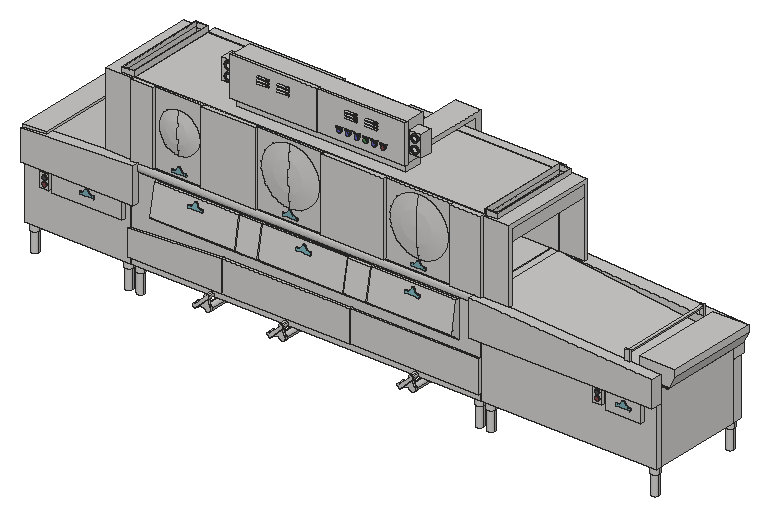
Revit family (continued)
Forms (in)
  Extrusion 128, solid, material "QF_Finishes_Stainless Steel"
    sketch origin (-30.125, -73.14175, 9.44389) x (1, 0, 0) y (0, 0.5, 0.866025)
      loop
        arc (52.28388, 77.875) -> (52.10082, 78.31694) -> (51.65888, 78.5) r 0.625
        line (51.65888, 78.5) -> (48.90888, 78.5)
        arc (48.90888, 78.5) -> (48.46693, 78.31694) -> (48.28388, 77.875) r 0.625
    from 0 to 0.125
  Extrusion 129, solid, material "QF_Finishes_Stainless Steel"
    sketch origin (-30.125, -73.14175, 8.44389) x (1, 0, 0) y (0, 0.5, 0.866025)
      loop
        line (48.28388, 77.875) -> (52.28388, 77.875)
        arc (52.28388, 77.875) -> (52.10082, 78.31694) -> (51.65888, 78.5) r 0.625
        line (51.65888, 78.5) -> (48.90888, 78.5)
        arc (48.90888, 78.5) -> (48.46693, 78.31694) -> (48.28388, 77.875) r 0.625
    from 0 to 0.125
  Extrusion 130, solid, material "QF_Finishes_Stainless Steel"
    sketch origin (77.44275, -73.14175, 10.44389) x (-1, 0, 0) y (0, -0.5, -0.866025)
      loop
        arc (48.28388, -77.875) -> (48.46693, -78.31694) -> (48.90888, -78.5) r 0.625
        line (48.90888, -78.5) -> (51.65888, -78.5)
        arc (51.65888, -78.5) -> (52.10082, -78.31694) -> (52.28388, -77.875) r 0.625
        line (52.28388, -77.875) -> (48.28388, -77.875)
    from 0 to 0.125
  Extrusion 131, solid, material "QF_Finishes_Stainless Steel"
    sketch origin (77.44275, -73.14175, 9.44389) x (-1, 0, 0) y (0, -0.5, -0.866025)
      loop
        arc (48.28388, -77.875) -> (48.46693, -78.31694) -> (48.90888, -78.5) r 0.625
        line (48.90888, -78.5) -> (51.65888, -78.5)
        arc (51.65888, -78.5) -> (52.10082, -78.31694) -> (52.28388, -77.875) r 0.625
        line (52.28388, -77.875) -> (48.28388, -77.875)
    from 0 to 0.125
  Extrusion 132, solid, material "QF_Finishes_Stainless Steel"
    sketch origin (77.44275, -73.14175, 8.44389) x (-1, 0, 0) y (0, -0.5, -0.866025)
      loop
        arc (48.28388, -77.875) -> (48.46693, -78.31694) -> (48.90888, -78.5) r 0.625
        line (48.90888, -78.5) -> (51.65888, -78.5)
        arc (51.65888, -78.5) -> (52.10082, -78.31694) -> (52.28388, -77.875) r 0.625
        line (52.28388, -77.875) -> (48.28388, -77.875)
    from 0 to 0.125
  Extrusion 133, solid, material "QF_Finishes_Stainless Steel"
    sketch origin (-39.90362, 0, 0) x (0, 1, 0) y (0, 0, 1)
      loop
        circle (-20.25, 7) r 1
      loop
        circle (-20.25, 7) r 1.125
    from 0 to 191.625
  Extrusion 134, solid, material "QF_Finishes_Stainless Steel", visible <- "Unload End Drain"
    sketch origin (-39.90362, 0, 0) x (0, 1, 0) y (0, 0, 1)
      loop
        circle (-20.25, 7) r 1
    from 0 to 0.125
  Extrusion 135, solid, material "QF_Finishes_Stainless Steel", visible <- "Load End Drain"
    sketch origin (151.72138, 0, 0) x (0, 1, 0) y (0, 0, 1)
      loop
        circle (-20.25, 7) r 1
    from 0 to -0.125
  Sweep 136, solid, material "QF_Finishes_Stainless Steel", visible <- "Cold Water Aqua Stat"
    path origin (-31.27862, 0, 0) x (0, 1, 0) y (0, 0, 1)
      loop
        line (-16.75, 9) -> (-16.75, 7.5)
        arc (-16.75, 7.5) -> (-16.31066, 6.43934) -> (-15.25, 6) r 1.5
        line (-15.25, 6) -> (-8.5, 6)
    profile origin (-31.27862, -16.75, 8.25) x (1, 0, 0) y (0, 1, 0)
      loop
        circle (0, 0) r 0.375
      loop
        circle (0, 0) r 0.5
  Sweep 137, solid, material "QF_Finishes_Stainless Steel", visible <- "Cold Water Aqua Stat"
    path origin (134.72138, 0, 0) x (0, 1, 0) y (0, 0, 1)
      loop
        line (-16.75, 9) -> (-16.75, 7.5)
        arc (-16.75, 7.5) -> (-16.31066, 6.43934) -> (-15.25, 6) r 1.5
        line (-15.25, 6) -> (-8.5, 6)
    profile origin (134.72138, -16.75, 8.25) x (1, 0, 0) y (0, 1, 0)
      loop
        circle (0, 0) r 0.5
      loop
        circle (0, 0) r 0.625
  Extrusion 138, void
    sketch origin (0, -26, 0) x (1, 0, 0) y (0, 0, 1)
      loop
        circle (10.72138, 78.5) r 0.5
    from 0 to 0.25
  Extrusion 139, solid, material "QF_Finishes_Stainless Steel"
    sketch origin (0, -20.25, 0) x (1, 0, 0) y (0, 0, 1)
      loop
        circle (7.73519, 7) r 1
      loop
        circle (7.73519, 7) r 1.125
    from 0 to 21.5
  Extrusion 140, solid, material "QF_Finishes_Stainless Steel"
    sketch origin (12, -20.25, 0) x (1, 0, 0) y (0, 0, 1)
      loop
        circle (21.23519, 7) r 1
      loop
        circle (21.23519, 7) r 1.125
    from 0 to 21.5
  Extrusion 141, solid, material "QF_Finishes_Stainless Steel"
    sketch origin (7.21533, -42, -3.41935) x (0.707107, 0, 0.707107) y (-0.707107, 0, 0.707107)
      loop
        arc (6.61019, 7) -> (7.73519, 5.875) -> (8.86019, 7) r 1.125
        arc (8.86019, 7) -> (9.29112, 8.22931) -> (10.48519, 8.75) r 1.62946
        line (10.48519, 8.75) -> (4.98519, 8.75)
        arc (4.98519, 8.75) -> (6.17925, 8.22931) -> (6.61019, 7) r 1.62946
    from -0.25 to 0.25
  Extrusion 142, solid, material "QF_Finishes_Stainless Steel"
    sketch origin (32.71533, -42, -3.41935) x (0.707107, 0, 0.707107) y (-0.707107, 0, 0.707107)
      loop
        line (4.73519, 8.75) -> (10.73519, 8.75)
        arc (10.73519, 8.75) -> (11.08874, 8.89645) -> (11.23519, 9.25) r 0.5
        line (11.23519, 9.25) -> (11.23519, 9.75)
        arc (11.23519, 9.75) -> (11.08874, 10.10355) -> (10.73519, 10.25) r 0.5
        line (10.73519, 10.25) -> (10.23519, 10.25)
        arc (10.23519, 10.25) -> (10.05841, 10.17678) -> (9.98519, 10) r 0.25
        line (9.98519, 10) -> (9.98519, 9.75) -> (5.48519, 9.75) -> (5.48519, 10)
        arc (5.48519, 10) -> (5.41196, 10.17678) -> (5.23519, 10.25) r 0.25
        line (5.23519, 10.25) -> (4.73519, 10.25)
        arc (4.73519, 10.25) -> (4.38163, 10.10355) -> (4.23519, 9.75) r 0.5
        line (4.23519, 9.75) -> (4.23519, 9.25)
        arc (4.23519, 9.25) -> (4.38163, 8.89645) -> (4.73519, 8.75) r 0.5
    from -1 to 1
  Extrusion 143, solid, material "QF_Finishes_Stainless Steel"
    sketch origin (32.71533, -42, -3.41935) x (0.707107, 0, 0.707107) y (-0.707107, 0, 0.707107)
      loop
        arc (6.61019, 7) -> (7.73519, 5.875) -> (8.86019, 7) r 1.125
        arc (8.86019, 7) -> (9.29112, 8.22931) -> (10.48519, 8.75) r 1.62946
        line (10.48519, 8.75) -> (4.98519, 8.75)
        arc (4.98519, 8.75) -> (6.17925, 8.22931) -> (6.61019, 7) r 1.62946
    from -0.25 to 0.25
  Extrusion 144, solid, material "QF_Finishes_Stainless Steel"
    sketch origin (63, -20.25, 0) x (1, 0, 0) y (0, 0, 1)
      loop
        circle (14.73519, 7) r 1
      loop
        circle (14.73519, 7) r 1.125
    from 0 to 21.5
  Extrusion 145, solid, material "QF_Finishes_Stainless Steel"
    sketch origin (77.21533, -42, -3.41935) x (0.707107, 0, 0.707107) y (-0.707107, 0, 0.707107)
      loop
        line (4.73519, 8.75) -> (10.73519, 8.75)
        arc (10.73519, 8.75) -> (11.08874, 8.89645) -> (11.23519, 9.25) r 0.5
        line (11.23519, 9.25) -> (11.23519, 9.75)
        arc (11.23519, 9.75) -> (11.08874, 10.10355) -> (10.73519, 10.25) r 0.5
        line (10.73519, 10.25) -> (10.23519, 10.25)
        arc (10.23519, 10.25) -> (10.05841, 10.17678) -> (9.98519, 10) r 0.25
        line (9.98519, 10) -> (9.98519, 9.75) -> (5.48519, 9.75) -> (5.48519, 10)
        arc (5.48519, 10) -> (5.41196, 10.17678) -> (5.23519, 10.25) r 0.25
        line (5.23519, 10.25) -> (4.73519, 10.25)
        arc (4.73519, 10.25) -> (4.38163, 10.10355) -> (4.23519, 9.75) r 0.5
        line (4.23519, 9.75) -> (4.23519, 9.25)
        arc (4.23519, 9.25) -> (4.38163, 8.89645) -> (4.73519, 8.75) r 0.5
    from -1 to 1
  Extrusion 146, solid, material "QF_Finishes_Stainless Steel"
    sketch origin (77.21533, -42, -3.41935) x (0.707107, 0, 0.707107) y (-0.707107, 0, 0.707107)
      loop
        arc (6.61019, 7) -> (7.73519, 5.875) -> (8.86019, 7) r 1.125
        arc (8.86019, 7) -> (9.29112, 8.22931) -> (10.48519, 8.75) r 1.62946
        line (10.48519, 8.75) -> (4.98519, 8.75)
        arc (4.98519, 8.75) -> (6.17925, 8.22931) -> (6.61019, 7) r 1.62946
    from -0.25 to 0.25
  Extrusion 147, solid, material "QF_Finishes_Stainless Steel"
    sketch origin (7.21533, -42, -3.41935) x (0.707107, 0, 0.707107) y (-0.707107, 0, 0.707107)
      loop
        line (4.73519, 8.75) -> (10.73519, 8.75)
        arc (10.73519, 8.75) -> (11.08874, 8.89645) -> (11.23519, 9.25) r 0.5
        line (11.23519, 9.25) -> (11.23519, 9.75)
        arc (11.23519, 9.75) -> (11.08874, 10.10355) -> (10.73519, 10.25) r 0.5
        line (10.73519, 10.25) -> (10.23519, 10.25)
        arc (10.23519, 10.25) -> (10.05841, 10.17678) -> (9.98519, 10) r 0.25
        line (9.98519, 10) -> (9.98519, 9.75) -> (5.48519, 9.75) -> (5.48519, 10)
        arc (5.48519, 10) -> (5.41196, 10.17678) -> (5.23519, 10.25) r 0.25
        line (5.23519, 10.25) -> (4.73519, 10.25)
        arc (4.73519, 10.25) -> (4.38163, 10.10355) -> (4.23519, 9.75) r 0.5
        line (4.23519, 9.75) -> (4.23519, 9.25)
        arc (4.23519, 9.25) -> (4.38163, 8.89645) -> (4.73519, 8.75) r 0.5
    from -1 to 1
  Extrusion 148, solid, material "QF_Finishes_Black", not visible
    sketch origin (0, -32.25, 0) x (1, 0, 0) y (0, 0, 1)
      loop
        circle (6.84638, 76.75) r 1.25
      loop
        circle (6.84638, 76.75) r 1
    from 0 to 0.25
  Extrusion 149, solid, material "QF_Finishes_White", not visible
    sketch origin (0, -32.25, 0) x (1, 0, 0) y (0, 0, 1)
      loop
        circle (6.84638, 76.75) r 1
    from 0 to 0.0625
  Extrusion 150, solid, material "QF_Finishes_Black", not visible
    sketch origin (33.66291, -34, -18.39967) x (1, 0, 0) y (0, 0, 1)
      loop
        line (19.62096, 91.02467) -> (17.62096, 91.02467) -> (17.62096, 90.77467) -> (19.62096, 90.77467) -> (19.62096, 91.02467)
      loop
        line (16.62096, 91.02467) -> (14.62096, 91.02467) -> (14.62096, 90.77467) -> (16.62096, 90.77467) -> (16.62096, 91.02467)
      loop
        line (20.62096, 91.02467) -> (20.62096, 90.77467) -> (22.62096, 90.77467) -> (22.62096, 91.02467) -> (20.62096, 91.02467)
      loop
        line (23.62096, 91.02467) -> (23.62096, 90.77467) -> (25.62096, 90.77467) -> (25.62096, 91.02467) -> (23.62096, 91.02467)
      loop
        line (13.62096, 91.02467) -> (11.62096, 91.02467) -> (11.62096, 90.77467) -> (13.62096, 90.77467) -> (13.62096, 91.02467)
      loop
        line (26.62096, 91.02467) -> (26.62096, 90.77467) -> (28.62096, 90.77467) -> (28.62096, 91.02467) -> (26.62096, 91.02467)
    from 0 to 0.25
  Extrusion 151, solid, material "QF_Finishes_Navy Blue", not visible
    sketch origin (34.03783, -34, -18.39967) x (1, 0, 0) y (0, 0, 1)
      loop
        circle (15.24605, 89.89967) r 0.625
    from 0.125 to 0.375
  Extrusion 152, solid, material "QF_Finishes_Navy Blue", not visible
    sketch origin (34.03783, -34, -18.39967) x (1, 0, 0) y (0, 0, 1)
      loop
        circle (18.24605, 89.89967) r 0.625
    from 0.125 to 0.375
  Extrusion 153, solid, material "QF_Finishes_LED Green", not visible
    sketch origin (34.03783, -34, -18.39967) x (1, 0, 0) y (0, 0, 1)
      loop
        circle (21.24605, 89.89967) r 0.625
    from 0.125 to 0.375
  Extrusion 154, solid, material "QF_Finishes_Navy Blue", not visible
    sketch origin (34.03783, -34, -18.39967) x (1, 0, 0) y (0, 0, 1)
      loop
        circle (24.24605, 89.89967) r 0.625
    from 0.125 to 0.375
  Extrusion 155, solid, material "QF_Finishes_Black", not visible
    sketch origin (34.03783, -34, -18.39967) x (1, 0, 0) y (0, 0, 1)
      loop
        line (15.99605, 89.89967) -> (15.99605, 90.77467) -> (14.49605, 90.77467) -> (14.49605, 89.89967)
        arc (14.49605, 89.89967) -> (15.24605, 89.14967) -> (15.99605, 89.89967) r 0.75
      loop
        line (18.99605, 89.89967) -> (18.99605, 90.77467) -> (17.49605, 90.77467) -> (17.49605, 89.89967)
        arc (17.49605, 89.89967) -> (18.24605, 89.14967) -> (18.99605, 89.89967) r 0.75
      loop
        line (21.99605, 89.89967) -> (21.99605, 90.77467) -> (20.49605, 90.77467) -> (20.49605, 89.89967)
        arc (20.49605, 89.89967) -> (21.24605, 89.14967) -> (21.99605, 89.89967) r 0.75
      loop
        line (24.99605, 89.89967) -> (24.99605, 90.77467) -> (23.49605, 90.77467) -> (23.49605, 89.89967)
        arc (23.49605, 89.89967) -> (24.24605, 89.14967) -> (24.99605, 89.89967) r 0.75
      loop
        line (12.99605, 89.89967) -> (12.99605, 90.77467) -> (11.49605, 90.77467) -> (11.49605, 89.89967)
        arc (11.49605, 89.89967) -> (12.24605, 89.14967) -> (12.99605, 89.89967) r 0.75
      loop
        line (27.99605, 89.89967) -> (27.99605, 90.77467) -> (26.49605, 90.77467) -> (26.49605, 89.89967)
        arc (26.49605, 89.89967) -> (27.24605, 89.14967) -> (27.99605, 89.89967) r 0.75
    from 0 to 0.125
  Extrusion 156, solid, material "QF_Finishes_Black", not visible
    sketch origin (0, -32.25, -3.5) x (1, 0, 0) y (0, 0, 1)
      loop
        circle (6.84638, 76.75) r 1.25
      loop
        circle (6.84638, 76.75) r 1
    from 0 to 0.25
  Extrusion 157, solid, material "QF_Finishes_White", not visible
    sketch origin (0, -32.25, -3.5) x (1, 0, 0) y (0, 0, 1)
      loop
        circle (6.84638, 76.75) r 1
    from 0 to 0.0625
  Extrusion 158, solid, material "QF_Finishes_Black", not visible
    sketch origin (63.875, -32.25, 0) x (1, 0, 0) y (0, 0, 1)
      loop
        circle (6.84638, 76.75) r 1.25
      loop
        circle (6.84638, 76.75) r 1
    from 0 to 0.25
  Extrusion 159, solid, material "QF_Finishes_White", not visible
    sketch origin (63.875, -32.25, 0) x (1, 0, 0) y (0, 0, 1)
      loop
        circle (6.84638, 76.75) r 1
    from 0 to 0.0625
  Extrusion 160, solid, material "QF_Finishes_Black", not visible
    sketch origin (63.875, -32.25, -3.5) x (1, 0, 0) y (0, 0, 1)
      loop
        circle (6.84638, 76.75) r 1.25
      loop
        circle (6.84638, 76.75) r 1
    from 0 to 0.25
  Extrusion 161, solid, material "QF_Finishes_White", not visible
    sketch origin (63.875, -32.25, -3.5) x (1, 0, 0) y (0, 0, 1)
      loop
        circle (6.84638, 76.75) r 1
    from 0 to 0.0625
  Extrusion 162, solid, material "QF_Finishes_Navy Blue", not visible
    sketch origin (31.03783, -34, -18.39967) x (1, 0, 0) y (0, 0, 1)
      loop
        circle (15.24605, 89.89967) r 0.625
    from 0.125 to 0.375
  Extrusion 163, solid, material "QF_Finishes_LED Red", not visible
    sketch origin (46.03783, -34, -18.39967) x (1, 0, 0) y (0, 0, 1)
      loop
        circle (15.24605, 89.89967) r 0.625
    from 0.125 to 0.375
  Extrusion 164, solid, material "QF_Finishes_Stainless Steel", not visible
    sketch origin (0, -73.14175, 10.44389) x (1, 0, 0) y (0, 0.5, 0.866025)
      loop
        line (48.28388, 77.875) -> (52.28388, 77.875)
        arc (52.28388, 77.875) -> (52.10082, 78.31694) -> (51.65888, 78.5) r 0.625
        line (51.65888, 78.5) -> (48.90888, 78.5)
        arc (48.90888, 78.5) -> (48.46693, 78.31694) -> (48.28388, 77.875) r 0.625
    from 0 to 0.125
  Extrusion 165, solid, material "QF_Finishes_Stainless Steel", not visible
    sketch origin (0, -73.14175, 9.44389) x (1, 0, 0) y (0, 0.5, 0.866025)
      loop
        line (48.28388, 77.875) -> (52.28388, 77.875)
        arc (52.28388, 77.875) -> (52.10082, 78.31694) -> (51.65888, 78.5) r 0.625
        line (51.65888, 78.5) -> (48.90888, 78.5)
        arc (48.90888, 78.5) -> (48.46693, 78.31694) -> (48.28388, 77.875) r 0.625
    from 0 to 0.125
  Extrusion 166, solid, material "QF_Finishes_Stainless Steel", not visible
    sketch origin (0, -73.14175, 8.44389) x (1, 0, 0) y (0, 0.5, 0.866025)
      loop
        line (48.28388, 77.875) -> (52.28388, 77.875)
        arc (52.28388, 77.875) -> (52.10082, 78.31694) -> (51.65888, 78.5) r 0.625
        line (51.65888, 78.5) -> (48.90888, 78.5)
        arc (48.90888, 78.5) -> (48.46693, 78.31694) -> (48.28388, 77.875) r 0.625
    from 0 to 0.125
  Extrusion 167, solid, material "QF_Finishes_Stainless Steel", not visible
    sketch origin (107.56775, -73.14175, 10.44389) x (-1, 0, 0) y (0, -0.5, -0.866025)
      loop
        arc (48.28388, -77.875) -> (48.46693, -78.31694) -> (48.90888, -78.5) r 0.625
        line (48.90888, -78.5) -> (51.65888, -78.5)
        arc (51.65888, -78.5) -> (52.10082, -78.31694) -> (52.28388, -77.875) r 0.625
        line (52.28388, -77.875) -> (48.28388, -77.875)
    from 0 to 0.125
  Extrusion 168, solid, material "QF_Finishes_Stainless Steel", not visible
    sketch origin (107.56775, -73.14175, 9.44389) x (-1, 0, 0) y (0, -0.5, -0.866025)
      loop
        arc (48.28388, -77.875) -> (48.46693, -78.31694) -> (48.90888, -78.5) r 0.625
        line (48.90888, -78.5) -> (51.65888, -78.5)
        arc (51.65888, -78.5) -> (52.10082, -78.31694) -> (52.28388, -77.875) r 0.625
        line (52.28388, -77.875) -> (48.28388, -77.875)
    from 0 to 0.125
  Extrusion 169, solid, material "QF_Finishes_Stainless Steel", not visible
    sketch origin (107.56775, -73.14175, 8.44389) x (-1, 0, 0) y (0, -0.5, -0.866025)
      loop
        arc (48.28388, -77.875) -> (48.46693, -78.31694) -> (48.90888, -78.5) r 0.625
        line (48.90888, -78.5) -> (51.65888, -78.5)
        arc (51.65888, -78.5) -> (52.10082, -78.31694) -> (52.28388, -77.875) r 0.625
        line (52.28388, -77.875) -> (48.28388, -77.875)
    from 0 to 0.125
  Extrusion 170, solid, material "QF_Finishes_Stainless Steel", not visible
    sketch origin (-30.125, -73.14175, 10.44389) x (1, 0, 0) y (0, 0.5, 0.866025)
      loop
        line (48.28388, 77.875) -> (52.28388, 77.875)
        arc (52.28388, 77.875) -> (52.10082, 78.31694) -> (51.65888, 78.5) r 0.625
        line (51.65888, 78.5) -> (48.90888, 78.5)
        arc (48.90888, 78.5) -> (48.46693, 78.31694) -> (48.28388, 77.875) r 0.625
    from 0 to 0.125
  Extrusion 171, solid, material "QF_Finishes_Stainless Steel", not visible
    sketch origin (-30.125, -73.14175, 9.44389) x (1, 0, 0) y (0, 0.5, 0.866025)
      loop
        line (48.28388, 77.875) -> (52.28388, 77.875)
        arc (52.28388, 77.875) -> (52.10082, 78.31694) -> (51.65888, 78.5) r 0.625
        line (51.65888, 78.5) -> (48.90888, 78.5)
        arc (48.90888, 78.5) -> (48.46693, 78.31694) -> (48.28388, 77.875) r 0.625
    from 0 to 0.125
  Extrusion 172, solid, material "QF_Finishes_Stainless Steel", not visible
    sketch origin (-30.125, -73.14175, 8.44389) x (1, 0, 0) y (0, 0.5, 0.866025)
      loop
        line (48.28388, 77.875) -> (52.28388, 77.875)
        arc (52.28388, 77.875) -> (52.10082, 78.31694) -> (51.65888, 78.5) r 0.625
        line (51.65888, 78.5) -> (48.90888, 78.5)
        arc (48.90888, 78.5) -> (48.46693, 78.31694) -> (48.28388, 77.875) r 0.625
    from 0 to 0.125
  Extrusion 173, solid, material "QF_Finishes_Stainless Steel", not visible
    sketch origin (77.44275, -73.14175, 10.44389) x (-1, 0, 0) y (0, -0.5, -0.866025)
      loop
        arc (48.28388, -77.875) -> (48.46693, -78.31694) -> (48.90888, -78.5) r 0.625
        line (48.90888, -78.5) -> (51.65888, -78.5)
        arc (51.65888, -78.5) -> (52.10082, -78.31694) -> (52.28388, -77.875) r 0.625
        line (52.28388, -77.875) -> (48.28388, -77.875)
    from 0 to 0.125
  Extrusion 174, solid, material "QF_Finishes_Stainless Steel", not visible
    sketch origin (77.44275, -73.14175, 9.44389) x (-1, 0, 0) y (0, -0.5, -0.866025)
      loop
        arc (48.28388, -77.875) -> (48.46693, -78.31694) -> (48.90888, -78.5) r 0.625
        line (48.90888, -78.5) -> (51.65888, -78.5)
        arc (51.65888, -78.5) -> (52.10082, -78.31694) -> (52.28388, -77.875) r 0.625
        line (52.28388, -77.875) -> (48.28388, -77.875)
    from 0 to 0.125
  Extrusion 175, solid, material "QF_Finishes_Stainless Steel", not visible
    sketch origin (77.44275, -73.14175, 8.44389) x (-1, 0, 0) y (0, -0.5, -0.866025)
      loop
        arc (48.28388, -77.875) -> (48.46693, -78.31694) -> (48.90888, -78.5) r 0.625
        line (48.90888, -78.5) -> (51.65888, -78.5)
        arc (51.65888, -78.5) -> (52.10082, -78.31694) -> (52.28388, -77.875) r 0.625
        line (52.28388, -77.875) -> (48.28388, -77.875)
    from 0 to 0.125
  Extrusion 176, solid, material "QF_Finishes_Stainless Steel", not visible
    sketch origin (0, -20.25, 0) x (1, 0, 0) y (0, 0, 1)
      loop
        circle (7.73519, 7) r 1
      loop
        circle (7.73519, 7) r 1.125
    from 0 to 21.5
  Extrusion 177, solid, material "QF_Finishes_Stainless Steel", not visible
    sketch origin (12, -20.25, 0) x (1, 0, 0) y (0, 0, 1)
      loop
        circle (21.23519, 7) r 1
      loop
        circle (21.23519, 7) r 1.125
    from 0 to 21.5
  Extrusion 178, solid, material "QF_Finishes_Stainless Steel", not visible
    sketch origin (7.21533, -42, -3.41935) x (0.707107, 0, 0.707107) y (-0.707107, 0, 0.707107)
      loop
        arc (6.61019, 7) -> (7.73519, 5.875) -> (8.86019, 7) r 1.125
        arc (8.86019, 7) -> (9.29112, 8.22931) -> (10.48519, 8.75) r 1.62946
        line (10.48519, 8.75) -> (4.98519, 8.75)
        arc (4.98519, 8.75) -> (6.17925, 8.22931) -> (6.61019, 7) r 1.62946
    from -0.25 to 0.25
  Extrusion 179, solid, material "QF_Finishes_Stainless Steel", not visible
    sketch origin (32.71533, -42, -3.41935) x (0.707107, 0, 0.707107) y (-0.707107, 0, 0.707107)
      loop
        line (4.73519, 8.75) -> (10.73519, 8.75)
        arc (10.73519, 8.75) -> (11.08874, 8.89645) -> (11.23519, 9.25) r 0.5
        line (11.23519, 9.25) -> (11.23519, 9.75)
        arc (11.23519, 9.75) -> (11.08874, 10.10355) -> (10.73519, 10.25) r 0.5
        line (10.73519, 10.25) -> (10.23519, 10.25)
        arc (10.23519, 10.25) -> (10.05841, 10.17678) -> (9.98519, 10) r 0.25
        line (9.98519, 10) -> (9.98519, 9.75) -> (5.48519, 9.75) -> (5.48519, 10)
        arc (5.48519, 10) -> (5.41196, 10.17678) -> (5.23519, 10.25) r 0.25
        line (5.23519, 10.25) -> (4.73519, 10.25)
        arc (4.73519, 10.25) -> (4.38163, 10.10355) -> (4.23519, 9.75) r 0.5
        line (4.23519, 9.75) -> (4.23519, 9.25)
        arc (4.23519, 9.25) -> (4.38163, 8.89645) -> (4.73519, 8.75) r 0.5
    from -1 to 1
  Extrusion 180, solid, material "QF_Finishes_Stainless Steel", not visible
    sketch origin (32.71533, -42, -3.41935) x (0.707107, 0, 0.707107) y (-0.707107, 0, 0.707107)
      loop
        arc (6.61019, 7) -> (7.73519, 5.875) -> (8.86019, 7) r 1.125
        arc (8.86019, 7) -> (9.29112, 8.22931) -> (10.48519, 8.75) r 1.62946
        line (10.48519, 8.75) -> (4.98519, 8.75)
        arc (4.98519, 8.75) -> (6.17925, 8.22931) -> (6.61019, 7) r 1.62946
    from -0.25 to 0.25
  Extrusion 181, solid, material "QF_Finishes_Stainless Steel", not visible
    sketch origin (63, -20.25, 0) x (1, 0, 0) y (0, 0, 1)
      loop
        circle (14.73519, 7) r 1
      loop
        circle (14.73519, 7) r 1.125
    from 0 to 21.5
  Extrusion 182, solid, material "QF_Finishes_Stainless Steel", not visible
    sketch origin (77.21533, -42, -3.41935) x (0.707107, 0, 0.707107) y (-0.707107, 0, 0.707107)
      loop
        line (4.73519, 8.75) -> (10.73519, 8.75)
        arc (10.73519, 8.75) -> (11.08874, 8.89645) -> (11.23519, 9.25) r 0.5
        line (11.23519, 9.25) -> (11.23519, 9.75)
        arc (11.23519, 9.75) -> (11.08874, 10.10355) -> (10.73519, 10.25) r 0.5
        line (10.73519, 10.25) -> (10.23519, 10.25)
        arc (10.23519, 10.25) -> (10.05841, 10.17678) -> (9.98519, 10) r 0.25
        line (9.98519, 10) -> (9.98519, 9.75) -> (5.48519, 9.75) -> (5.48519, 10)
        arc (5.48519, 10) -> (5.41196, 10.17678) -> (5.23519, 10.25) r 0.25
        line (5.23519, 10.25) -> (4.73519, 10.25)
        arc (4.73519, 10.25) -> (4.38163, 10.10355) -> (4.23519, 9.75) r 0.5
        line (4.23519, 9.75) -> (4.23519, 9.25)
        arc (4.23519, 9.25) -> (4.38163, 8.89645) -> (4.73519, 8.75) r 0.5
    from -1 to 1
  Extrusion 183, solid, material "QF_Finishes_Stainless Steel", not visible
    sketch origin (77.21533, -42, -3.41935) x (0.707107, 0, 0.707107) y (-0.707107, 0, 0.707107)
      loop
        arc (6.61019, 7) -> (7.73519, 5.875) -> (8.86019, 7) r 1.125
        arc (8.86019, 7) -> (9.29112, 8.22931) -> (10.48519, 8.75) r 1.62946
        line (10.48519, 8.75) -> (4.98519, 8.75)
        arc (4.98519, 8.75) -> (6.17925, 8.22931) -> (6.61019, 7) r 1.62946
    from -0.25 to 0.25
  Extrusion 184, solid, material "QF_Finishes_Stainless Steel", not visible
    sketch origin (7.21533, -42, -3.41935) x (0.707107, 0, 0.707107) y (-0.707107, 0, 0.707107)
      loop
        line (4.73519, 8.75) -> (10.73519, 8.75)
        arc (10.73519, 8.75) -> (11.08874, 8.89645) -> (11.23519, 9.25) r 0.5
        line (11.23519, 9.25) -> (11.23519, 9.75)
        arc (11.23519, 9.75) -> (11.08874, 10.10355) -> (10.73519, 10.25) r 0.5
        line (10.73519, 10.25) -> (10.23519, 10.25)
        arc (10.23519, 10.25) -> (10.05841, 10.17678) -> (9.98519, 10) r 0.25
        line (9.98519, 10) -> (9.98519, 9.75) -> (5.48519, 9.75) -> (5.48519, 10)
        arc (5.48519, 10) -> (5.41196, 10.17678) -> (5.23519, 10.25) r 0.25
        line (5.23519, 10.25) -> (4.73519, 10.25)
        arc (4.73519, 10.25) -> (4.38163, 10.10355) -> (4.23519, 9.75) r 0.5
        line (4.23519, 9.75) -> (4.23519, 9.25)
        arc (4.23519, 9.25) -> (4.38163, 8.89645) -> (4.73519, 8.75) r 0.5
    from -1 to 1
  Extrusion 185, solid, material "QF_Finishes_Stainless Steel", visible <- "Swing Doors"
    sketch origin (0, 0, 65.5) x (0, 1, 0) y (-1, 0, 0)
      loop
        line (-38.25, 13.27862) -> (-39, 13.27862) -> (-39, -2.59638) -> (-38.25, -2.59638) -> (-38.25, 13.27862)
    from 0 to -24.875
  Extrusion 186, solid, material "QF_Finishes_Stainless Steel", visible <- "Swing Doors"
    sketch origin (0, 0, 65.5) x (0, 1, 0) y (-1, 0, 0)
      loop
        line (-38.25, -21.72138) -> (-39, -21.72138) -> (-39, -32.65888) -> (-38.25, -32.65888) -> (-38.25, -21.72138)
    from 0 to -24.875
  Extrusion 187, solid, material "QF_Finishes_Stainless Steel", visible <- "Swing Doors"
    sketch origin (0, 0, 65.5) x (0, 1, 0) y (-1, 0, 0)
      loop
        line (-38.25, -32.78388) -> (-39, -32.78388) -> (-39, -43.72138) -> (-38.25, -43.72138) -> (-38.25, -32.78388)
    from 0 to -24.875
  Extrusion 188, solid, material "QF_Finishes_Stainless Steel", visible <- "Swing Doors"
    sketch origin (0, 0, 65.5) x (0, 1, 0) y (-1, 0, 0)
      loop
        line (-38.25, -65.72138) -> (-39, -65.72138) -> (-39, -76.65888) -> (-38.25, -76.65888) -> (-38.25, -65.72138)
    from 0 to -24.875
  Extrusion 189, solid, material "QF_Finishes_Stainless Steel", visible <- "Swing Doors"
    sketch origin (0, 0, 65.5) x (0, 1, 0) y (-1, 0, 0)
      loop
        line (-38.25, -76.78388) -> (-39, -76.78388) -> (-39, -87.72138) -> (-38.25, -87.72138) -> (-38.25, -76.78388)
    from 0 to -24.875
  Extrusion 190, solid, material "QF_Finishes_Stainless Steel", visible <- "Swing Doors"
    sketch origin (1.64366, 34, 62.4375) x (0, 1, 0) y (-1, 0, 0)
      loop
        circle (-73.25, -19.82772) r 0.25
    from 0 to -3
  Extrusion 191, solid, material "QF_Finishes_Stainless Steel", visible <- "Swing Doors"
    sketch origin (1.64366, 34, 45.8125) x (0, 1, 0) y (-1, 0, 0)
      loop
        circle (-73.25, -19.82772) r 0.25
    from 0 to -3
  Sweep 192, solid, material "QF_Finishes_Stainless Steel", visible <- "Swing Doors"
    path origin (31.28388, 53.39484, 58) x (0, 1, 0) y (0, 0, 1)
      loop
        line (-92.39484, -0.9375) -> (-93.01984, -0.9375)
        arc (-93.01984, -0.9375) -> (-93.37339, -1.08395) -> (-93.51984, -1.4375) r 0.5
        line (-93.51984, -1.4375) -> (-93.51984, -9.6875)
        arc (-93.51984, -9.6875) -> (-93.37339, -10.04105) -> (-93.01984, -10.1875) r 0.5
        line (-93.01984, -10.1875) -> (-92.39484, -10.1875)
    profile origin (31.28388, -39.3125, 57.0625) x (0, 0, -1) y (1, 0, 0)
      loop
        circle (0, 0) r 0.375
  Extrusion 193, solid, material "QF_Finishes_Stainless Steel", visible <- "Swing Doors"
    sketch origin (37.64366, 34, 62.4375) x (0, 1, 0) y (-1, 0, 0)
      loop
        circle (-73.25, -6.32772) r 0.25
    from 0 to -3
  Extrusion 194, solid, material "QF_Finishes_Stainless Steel", visible <- "Swing Doors"
    sketch origin (37.64366, 34, 45.8125) x (0, 1, 0) y (-1, 0, 0)
      loop
        circle (-73.25, -6.32772) r 0.25
    from 0 to -3
  Extrusion 195, solid, material "QF_Finishes_Stainless Steel", visible <- "Swing Doors"
    sketch origin (45.64366, 34, 62.4375) x (0, 1, 0) y (-1, 0, 0)
      loop
        circle (-73.25, -19.82772) r 0.25
    from 0 to -3
  Extrusion 196, solid, material "QF_Finishes_Stainless Steel", visible <- "Swing Doors"
    sketch origin (45.64366, 34, 45.8125) x (0, 1, 0) y (-1, 0, 0)
      loop
        circle (-73.25, -19.82772) r 0.25
    from 0 to -3
  Extrusion 197, solid, material "QF_Finishes_Stainless Steel", visible <- "Swing Doors"
    sketch origin (81.64366, 34, 62.4375) x (0, 1, 0) y (-1, 0, 0)
      loop
        circle (-73.25, -6.32772) r 0.25
    from 0 to -3
  Extrusion 198, solid, material "QF_Finishes_Stainless Steel", visible <- "Swing Doors"
    sketch origin (81.64366, 34, 45.8125) x (0, 1, 0) y (-1, 0, 0)
      loop
        circle (-73.25, -6.32772) r 0.25
    from 0 to -3
  Extrusion 199, solid, material "QF_Finishes_Stainless Steel", visible <- "Swing Doors"
    sketch origin (-26.60634, 34, 62.4375) x (0, 1, 0) y (-1, 0, 0)
      loop
        circle (-73.25, -13.07772) r 0.25
    from 0 to -3
  Extrusion 200, solid, material "QF_Finishes_Stainless Steel", visible <- "Swing Doors"
    sketch origin (-26.60634, 34, 45.8125) x (0, 1, 0) y (-1, 0, 0)
      loop
        circle (-73.25, -13.07772) r 0.25
    from 0 to -3
  Sweep 201, solid, material "QF_Finishes_Stainless Steel", visible <- "Swing Doors"
    path origin (1.28388, 45.33582, 48) x (0, 1, 0) y (0, 0, 1)
      loop
        line (-84.33582, 9.0625) -> (-84.96082, 9.0625)
        arc (-84.96082, 9.0625) -> (-85.31438, 8.91605) -> (-85.46082, 8.5625) r 0.5
        line (-85.46082, 8.5625) -> (-85.46082, 0.3125)
        arc (-85.46082, 0.3125) -> (-85.31438, -0.04105) -> (-84.96082, -0.1875) r 0.5
        line (-84.96082, -0.1875) -> (-84.33582, -0.1875)
    profile origin (1.28388, -39.3125, 57.0625) x (0, 0, -1) y (1, 0, 0)
      loop
        circle (0, 0) r 0.375
  Sweep 202, solid, material "QF_Finishes_Stainless Steel", visible <- "Swing Doors"
    path origin (34.15888, 53.39484, 48) x (0, 1, 0) y (0, 0, 1)
      loop
        line (-92.39484, 9.0625) -> (-93.01984, 9.0625)
        arc (-93.01984, 9.0625) -> (-93.37339, 8.91605) -> (-93.51984, 8.5625) r 0.5
        line (-93.51984, 8.5625) -> (-93.51984, 0.3125)
        arc (-93.51984, 0.3125) -> (-93.37339, -0.04105) -> (-93.01984, -0.1875) r 0.5
        line (-93.01984, -0.1875) -> (-92.39484, -0.1875)
    profile origin (34.15888, -39.3125, 57.0625) x (0, 0, -1) y (1, 0, 0)
      loop
        circle (0, 0) r 0.375
  Sweep 203, solid, material "QF_Finishes_Stainless Steel", visible <- "Swing Doors"
    path origin (75.28388, 53.39484, 48) x (0, 1, 0) y (0, 0, 1)
      loop
        line (-92.39484, 9.0625) -> (-93.01984, 9.0625)
        arc (-93.01984, 9.0625) -> (-93.37339, 8.91605) -> (-93.51984, 8.5625) r 0.5
        line (-93.51984, 8.5625) -> (-93.51984, 0.3125)
        arc (-93.51984, 0.3125) -> (-93.37339, -0.04105) -> (-93.01984, -0.1875) r 0.5
        line (-93.01984, -0.1875) -> (-92.39484, -0.1875)
    profile origin (75.28388, -39.3125, 57.0625) x (0, 0, -1) y (1, 0, 0)
      loop
        circle (0, 0) r 0.375
  Sweep 204, solid, material "QF_Finishes_Stainless Steel", visible <- "Swing Doors"
    path origin (78.15888, 53.39484, 48) x (0, 1, 0) y (0, 0, 1)
      loop
        line (-92.39484, 9.0625) -> (-93.01984, 9.0625)
        arc (-93.01984, 9.0625) -> (-93.37339, 8.91605) -> (-93.51984, 8.5625) r 0.5
        line (-93.51984, 8.5625) -> (-93.51984, 0.3125)
        arc (-93.51984, 0.3125) -> (-93.37339, -0.04105) -> (-93.01984, -0.1875) r 0.5
        line (-93.01984, -0.1875) -> (-92.39484, -0.1875)
    profile origin (78.15888, -39.3125, 57.0625) x (0, 0, -1) y (1, 0, 0)
      loop
        circle (0, 0) r 0.375
  Extrusion 205, solid, material "QF_Finishes_Clearances", visible <- "Standard Doors", detail levels coarse
    sketch origin (0, 0, 65.5) x (0, 1, 0) y (-1, 0, 0)
      loop
        line (-38.25, 13.52862) -> (-39, 13.52862) -> (-39, -2.72138) -> (-38.25, -2.72138) -> (-38.25, 13.52862)
    from 0 to 28
  Extrusion 206, solid, material "QF_Finishes_Clearances", visible <- "Standard Doors", detail levels coarse
    sketch origin (0, 0, 65.5) x (0, 1, 0) y (-1, 0, 0)
      loop
        line (-38.25, -21.47138) -> (-39, -21.47138) -> (-39, -43.97138) -> (-38.25, -43.97138) -> (-38.25, -21.47138)
    from 0 to 28
  Extrusion 207, solid, material "QF_Finishes_Clearances", visible <- "Standard Doors", detail levels coarse
    sketch origin (44, 0, 65.5) x (0, 1, 0) y (-1, 0, 0)
      loop
        line (-38.25, -21.47138) -> (-39, -21.47138) -> (-39, -43.97138) -> (-38.25, -43.97138) -> (-38.25, -21.47138)
    from 0 to 28
  Sweep 208, solid, material "QF_Finishes_Stainless Steel", visible <- "Cold Water Aqua Stat"
    path origin (128.72138, 20.50153, 48) x (0, 1, 0) y (0, 0, 1)
      loop
        line (-37.25153, -39) -> (-37.25153, -40.5)
        arc (-37.25153, -40.5) -> (-36.81219, -41.56066) -> (-35.75153, -42) r 1.5
        line (-35.75153, -42) -> (-29.00153, -42)
    profile origin (128.72138, -16.75, 8.25) x (1, 0, 0) y (0, 1, 0)
      loop
        circle (0, 0) r 0.375
      loop
        circle (0, 0) r 0.5
  Sweep 209, solid, material "QF_Finishes_Stainless Steel", visible <- "Cold Water Aqua Stat"
    path origin (122.72138, 20.50153, 48) x (0, 1, 0) y (0, 0, 1)
      loop
        line (-37.25153, -39) -> (-37.25153, -40.5)
        arc (-37.25153, -40.5) -> (-36.81219, -41.56066) -> (-35.75153, -42) r 1.5
        line (-35.75153, -42) -> (-29.00153, -42)
    profile origin (122.72138, -16.75, 8.25) x (1, 0, 0) y (0, 1, 0)
      loop
        circle (0, 0) r 1
      loop
        circle (0, 0) r 1.125
  Extrusion 210, solid, material "QF_Finishes_Stainless Steel"
    sketch origin (68.47138, 0, 0) x (0, 1, 0) y (0, 0, 1)
      loop
        line (-26, 68.5) -> (-1.75, 68.5) -> (-1.75, 18.25) -> (-3, 18.25) -> (-3, 16.5) -> (0, 16.5) -> (0, 70.25) -> (-26, 70.25) -> (-26, 68.5)
    from -1.25 to -9.75
Cuts and joins
  Extrusion 31 cuts Extrusion 28
  Extrusion 31 cuts Extrusion 29
  Extrusion 35 cuts Extrusion 32
  Extrusion 35 cuts Extrusion 33
  Extrusion 138 cuts Extrusion 100
  Extrusion 138 cuts Extrusion 101
Lines and regions (in)
  symbolic lines
    curve 1: line (-57.40362, -1.5, 65.5) -> (-18.77862, -1.5, 65.5)
    curve 2: line (-57.40362, -3, 65.5) -> (58.72138, -3, 65.5)
    curve 3: line (158.72138, -41, 65.5) -> (158.72138, -1.5, 65.5)
    curve 4: line (158.72138, -1.5, 65.5) -> (96.22138, -1.5, 65.5)
    curve 5: line (96.22138, -1.5, 65.5) -> (96.22138, -3, 65.5)
    curve 6: line (-57.40362, -1.5, 65.5) -> (-57.40362, -41, 65.5)
    curve 7: line (-57.40362, -41, 65.5) -> (-18.77862, -41, 65.5)
    curve 8: line (-18.77862, -41, 65.5) -> (-18.77862, -39, 65.5)
    curve 9: line (98.72138, -39, 65.5) -> (-49.40362, -39, 65.5)
    curve 10: line (-57.40362, -39.875, 65.5) -> (-49.40362, -39.875, 65.5)
    curve 11: line (-49.40362, -39.875, 65.5) -> (-49.40362, -3.375, 65.5)
    curve 12: line (-49.40362, -3.375, 65.5) -> (-57.40362, -3.375, 65.5)
    curve 13: line (-49.40362, -6, 65.5) -> (-30.27862, -6, 65.5)
    curve 14: line (-21.27862, -3, 65.5) -> (-21.27862, -39, 65.5)
    curve 15: line (-21.27862, -5, 65.5) -> (-30.27862, -5, 65.5)
    curve 16: line (-30.27862, -5, 65.5) -> (-30.27862, -38.25, 65.5)
    curve 17: line (-30.27862, -38.25, 65.5) -> (-21.27862, -38.25, 65.5)
    curve 18: line (-21.27862, -37.25, 65.5) -> (-25.40362, -37.25, 65.5)
    curve 19: line (-25.40362, -37.25, 65.5) -> (-25.40362, -6, 65.5)
    curve 20: line (-25.40362, -6, 65.5) -> (-21.27862, -6, 65.5)
    curve 21: line (23.22138, -3, 65.5) -> (23.22138, -4, 65.5)
    curve 22: line (23.22138, -4, 65.5) -> (45.72138, -4, 65.5)
    curve 23: line (45.72138, -4, 65.5) -> (45.72138, -3, 65.5)
    curve 24: line (96.22138, -41, 65.5) -> (158.72138, -41, 65.5)
    curve 25: line (158.72138, -37.25, 65.5) -> (107.72138, -37.25, 65.5)
    curve 26: line (107.72138, -37.25, 65.5) -> (107.72138, -38.25, 65.5)
    curve 27: line (107.72138, -38.25, 65.5) -> (98.72138, -38.25, 65.5)
    curve 28: line (98.72138, -39, 65.5) -> (98.72138, -3, 65.5)
    curve 29: line (96.22138, -39, 65.5) -> (96.22138, -41, 65.5)
    curve 30: line (98.72138, -37.25, 65.5) -> (102.84638, -37.25, 65.5)
    curve 31: line (102.84638, -37.25, 65.5) -> (102.84638, -6, 65.5)
    curve 32: line (102.84638, -6, 65.5) -> (98.72138, -6, 65.5)
    curve 33: line (98.72138, -5, 65.5) -> (107.72138, -5, 65.5)
    curve 34: line (107.72138, -5, 65.5) -> (107.72138, -37.25, 65.5)
    curve 35: line (90.97138, -39, 65.5) -> (90.97138, -42, 65.5)
    curve 36: line (90.97138, -42, 65.5) -> (61.97138, -42, 65.5)
    curve 37: line (61.97138, -42, 65.5) -> (61.97138, -39, 65.5)
    curve 38: line (61.72138, -38.93512, 65.5) -> (61.72138, -42, 65.5)
    curve 39: line (61.72138, -42, 65.5) -> (53.97138, -42, 65.5)
    curve 40: line (53.97138, -42, 65.5) -> (53.97138, -39, 65.5)
    curve 41: line (53.72138, -39, 65.5) -> (53.72138, -42, 65.5)
    curve 42: line (53.72138, -42, 65.5) -> (24.72138, -42, 65.5)
    curve 43: line (24.72138, -42, 65.5) -> (24.72138, -39, 65.5)
    curve 44: line (24.47138, -39, 65.5) -> (24.47138, -42, 65.5)
    curve 45: line (24.47138, -42, 65.5) -> (16.97138, -42, 65.5)
    curve 46: line (16.97138, -42, 65.5) -> (16.97138, -39, 65.5)
    curve 47: line (16.72138, -39, 65.5) -> (16.72138, -42, 65.5)
    curve 48: line (16.72138, -42, 65.5) -> (-12.27862, -42, 65.5)
    curve 49: line (-12.27862, -42, 65.5) -> (-12.27862, -39, 65.5)
    curve 50: line (-13.52862, -39, 65.5) -> (-13.52862, -38.25, 65.5)
    curve 51: line (-13.52862, -38.25, 65.5) -> (2.72138, -38.25, 65.5)
    curve 52: line (2.72138, -38.25, 65.5) -> (2.72138, -39, 65.5)
    curve 59: line (8.72138, -34, 65.5) -> (68.72138, -34, 65.5)
    curve 60: line (68.72138, -34, 65.5) -> (68.72138, -33, 65.5)
    curve 61: line (68.72138, -33, 65.5) -> (8.72138, -33, 65.5)
    curve 62: line (8.72138, -33, 65.5) -> (8.72138, -34, 65.5)
    curve 63: line (8.97138, -33, 65.5) -> (8.97138, -26, 65.5)
    curve 64: line (8.97138, -26, 65.5) -> (68.47138, -26, 65.5)
    curve 65: line (68.47138, -26, 65.5) -> (68.47138, -33, 65.5)
    curve 66: line (68.47138, -28.25, 65.5) -> (72.72138, -28.25, 65.5)
    curve 67: line (72.72138, -28.25, 65.5) -> (72.72138, -32.25, 65.5)
    curve 68: line (72.72138, -32.25, 65.5) -> (68.47138, -32.25, 65.5)
    curve 69: line (8.97138, -28.25, 65.5) -> (4.72138, -28.25, 65.5)
    curve 70: line (4.72138, -28.25, 65.5) -> (4.72138, -32.25, 65.5)
    curve 71: line (4.72138, -32.25, 65.5) -> (8.97138, -32.25, 65.5)
    curve 109: line (-18.77862, -1.5, 65.5) -> (-18.77862, -3, 65.5)
    curve 110: line (146.97138, -37.25, 65.5) -> (146.97138, -37.75, 65.5)
    curve 111: line (146.97138, -37.75, 65.5) -> (148.47138, -37.75, 65.5)
    curve 112: line (148.47138, -37.75, 65.5) -> (148.47138, -37.25, 65.5)
    curve 113: line (148.22138, -37.25, 65.5) -> (148.22138, -6, 65.5)
    curve 114: line (148.47138, -6, 65.5) -> (148.47138, -5.5, 65.5)
    curve 115: line (148.47138, -5.5, 65.5) -> (146.97138, -5.5, 65.5)
    curve 116: line (146.97138, -5.5, 65.5) -> (146.97138, -6, 65.5)
    curve 117: line (147.22138, -6, 65.5) -> (147.22138, -37.25, 65.5)
    curve 118: line (158.72138, -6, 65.5) -> (107.72138, -6, 65.5)
    curve 123: line (161.22138, -6, 65.5) -> (161.22138, -37.25, 65.5)
    curve 124: line (158.72138, -6, 65.5) -> (161.22138, -6, 65.5)
    curve 125: line (161.22138, -37.25, 65.5) -> (158.72138, -37.25, 65.5)
    curve 126: line (-57.40362, -6, 65.5) -> (-59.90362, -6, 65.5)
    curve 127: line (-59.90362, -6, 65.5) -> (-59.90362, -37.25, 65.5)
    curve 128: line (-59.90362, -37.25, 65.5) -> (-57.40362, -37.25, 65.5)
    curve 132: line (58.72138, -26, 65.5) -> (58.72138, 0, 65.5)
    curve 133: line (58.72138, 0, 65.5) -> (67.22138, 0, 65.5)
    curve 134: line (67.22138, 0, 65.5) -> (67.22138, -26, 65.5)
    curve 135: line (67.22138, -3, 65.5) -> (158.72138, -3, 65.5)
  symbolic lines, visible <- "Standard Doors"
    curve 53: line (21.47138, -39, 65.5) -> (21.47138, -38.25, 65.5)
    curve 54: line (21.47138, -38.25, 65.5) -> (43.97138, -38.25, 65.5)
    curve 55: line (43.97138, -38.25, 65.5) -> (43.97138, -39, 65.5)
    curve 56: line (65.47138, -39, 65.5) -> (65.47138, -38.25, 65.5)
    curve 57: line (65.47138, -38.25, 65.5) -> (87.97138, -38.25, 65.5)
    curve 58: line (87.97138, -38.25, 65.5) -> (87.97138, -39, 65.5)
  symbolic lines, visible <- "Swing Doors"
    curve 72: line (1.65888, -39, 65.5) -> (1.65888, -40.125, 65.5)
    curve 73: line (0.90888, -39, 65.5) -> (0.90888, -40.125, 65.5)
    curve 74: arc (0.90888, -40.125, 65.5) -> (1.28388, -40.5, 65.5) -> (1.65888, -40.125, 65.5) r 0.375
    curve 75: line (31.65888, -39, 65.5) -> (31.65888, -40.125, 65.5)
    curve 76: line (30.90888, -39, 65.5) -> (30.90888, -40.125, 65.5)
    curve 77: arc (30.90888, -40.125, 65.5) -> (31.28388, -40.5, 65.5) -> (31.65888, -40.125, 65.5) r 0.375
    curve 78: line (33.78388, -39, 65.5) -> (33.78388, -40.125, 65.5)
    curve 79: line (34.53388, -39, 65.5) -> (34.53388, -40.125, 65.5)
    curve 80: arc (34.53388, -40.125, 65.5) -> (34.15888, -40.5, 65.5) -> (33.78388, -40.125, 65.5) r 0.375
    curve 81: line (74.90888, -39, 65.5) -> (74.90888, -40.125, 65.5)
    curve 82: line (75.65888, -39, 65.5) -> (75.65888, -40.125, 65.5)
    curve 83: arc (75.65888, -40.125, 65.5) -> (75.28388, -40.5, 65.5) -> (74.90888, -40.125, 65.5) r 0.375
    curve 84: line (77.78388, -39, 65.5) -> (77.78388, -40.125, 65.5)
    curve 85: line (78.53388, -39, 65.5) -> (78.53388, -40.125, 65.5)
    curve 86: arc (78.53388, -40.125, 65.5) -> (78.15888, -40.5, 65.5) -> (77.78388, -40.125, 65.5) r 0.375
    curve 90: line (32.65888, -38.25, 65.5) -> (32.65888, -39, 65.5)
    curve 91: line (32.78388, -38.25, 65.5) -> (32.78388, -39, 65.5)
    curve 92: line (32.65888, -38.25, 65.5) -> (21.47138, -38.25, 65.5)
    curve 93: line (21.47138, -39, 65.5) -> (21.47138, -38.25, 65.5)
    curve 94: line (32.78388, -38.25, 65.5) -> (43.97138, -38.25, 65.5)
    curve 95: line (43.97138, -38.25, 65.5) -> (43.97138, -39, 65.5)
    curve 99: line (65.47138, -39, 65.5) -> (65.47138, -38.25, 65.5)
    curve 100: line (65.47138, -38.25, 65.5) -> (76.65888, -38.25, 65.5)
    curve 101: line (76.65888, -38.25, 65.5) -> (76.65888, -39, 65.5)
    curve 102: line (76.78388, -39, 65.5) -> (76.78388, -38.25, 65.5)
    curve 103: line (76.78388, -38.25, 65.5) -> (87.97138, -38.25, 65.5)
    curve 104: line (87.97138, -38.25, 65.5) -> (87.97138, -39, 65.5)
  symbolic lines, style "QF_Clearances", visible <- "Swing Doors", detail levels coarse
    curve 87: line (-13.52862, -55.25, 65.5) -> (-13.52862, -39, 65.5)
    curve 88: arc (-13.52862, -55.25, 65.5) -> (-2.03814, -50.49049, 65.5) -> (2.72138, -39, 65.5) r 16.25
    curve 89: line (21.47138, -39, 65.5) -> (21.47138, -50.1875, 65.5)
    curve 96: arc (21.47138, -50.1875, 65.5) -> (29.38213, -46.91076, 65.5) -> (32.65888, -39, 65.5) r 11.1875
    curve 97: line (43.97138, -39, 65.5) -> (43.97138, -50.1875, 65.5)
    curve 98: arc (43.97138, -50.1875, 65.5) -> (36.06062, -46.91076, 65.5) -> (32.78388, -39, 65.5) r 11.1875
    curve 105: line (65.47138, -50.1875, 65.5) -> (65.47138, -39, 65.5)
    curve 106: arc (65.47138, -50.1875, 65.5) -> (73.38213, -46.91076, 65.5) -> (76.65888, -39, 65.5) r 11.1875
    curve 107: line (87.97138, -50.1875, 65.5) -> (87.97138, -39, 65.5)
    curve 108: arc (87.97138, -50.1875, 65.5) -> (80.06062, -46.91076, 65.5) -> (76.78388, -39, 65.5) r 11.1875
  symbolic lines, visible <- "Unload Removable Cover"
    curve 119: line (158.72138, -6, 65.5) -> (163.72138, -6, 65.5)
    curve 120: line (163.72138, -6, 65.5) -> (163.72138, -37.25, 65.5)
    curve 121: line (163.72138, -37.25, 65.5) -> (158.72138, -37.25, 65.5)
    curve 122: line (151.72138, -37.25, 65.5) -> (151.72138, -6, 65.5)
  symbolic lines, style "QF_Surface Details"
    curve 129: line (13.4521, -11.52193, 52.4375) -> (42.4521, -11.52193, 52.4375)
    curve 130: line (42.4521, -11.52193, 52.4375) -> (37.9521, -9.02754, 52.4375)
    curve 131: line (42.4521, -11.52193, 52.4375) -> (37.9521, -14.01632, 52.4375)
Dimensions and locks (in)
  "Depth": plane 5 "FRONT" to plane 1 "BACK"
  "Power Scrapper Width": plane 3 "LEFT" to plane 6 "Right of Power Scrapper"
  "Power Wash Width": plane 6 "Right of Power Scrapper" to plane 7 "Right of Power Wash"
  "Final Rinse Width": plane 7 "Right of Power Wash" to plane 4 "RIGHT"
  locked: plane 8 "Load Vent" to plane 3 "LEFT" at 9
  locked: plane 4 "RIGHT" to plane 9 "Unload Vent" at 9
  locked: plane 10 "Top of Machine" to level at 65.5
  locked: plane 11 "Table Height" to level at 34
  locked: plane 13 "Middle of Machine" to level at 40.625
  locked: plane 3 "LEFT" to plane 14 "Left of Bottom" at 2.5
  locked: plane 15 "Right of Bottom" to plane 4 "RIGHT" at 2.5
  locked: plane 12 "Bottom of Machine" to level at 9
  locked: plane 16 to plane 17 at 0.375
  locked: plane 17 to plane 18 at 13.25
  locked: plane 13 "Middle of Machine" to plane 16 at 2.5
  locked: plane 18 to plane 19 at 2.25
  locked: plane 19 to plane 20 at 10.75
  locked: plane 21 "Back of Main Body" to plane 1 "BACK" at 3
  locked: plane 5 "FRONT" to plane 22 "Front of Main Body" at 3
  equal spacing: plane 3 "LEFT", plane 23, plane 6 "Right of Power Scrapper"
  equal spacing: plane 6 "Right of Power Scrapper", plane 24, plane 7 "Right of Power Wash"
  equal spacing: plane 7 "Right of Power Wash", plane 25, plane 4 "RIGHT"
  "Power Scrapper Door": plane 26 to plane 27
  equal spacing: plane 28, plane 24, plane 29
  equal spacing: plane 30, plane 25, plane 31
  "Power Wash Door": plane 28 to plane 29
  "Power Rinse Door": plane 30 to plane 31
  locked: plane 22 "Front of Main Body" to plane 32 "Front of Inside" at 1.75
  locked: plane 33 "Back of Inside" to plane 21 "Back of Main Body" at 3
  locked: plane 3 "LEFT" to plane 26 at 7.75
  locked: plane 3 "LEFT" to plane 34 at 44.5
  locked: plane 34 to plane 35 at 22.5
  locked: plane 14 "Left of Bottom" to plane 36 at 6.5
  locked: plane 36 to plane 37 at 29
  locked: plane 37 to plane 38 at 8
  locked: plane 38 to plane 39 at 29
  locked: plane 39 to plane 40 at 8.25
  locked: plane 40 to plane 41 at 29
  locked: plane 37 to plane 42 at 0.25
  locked: plane 43 to plane 38 at 0.25
  locked: plane 39 to plane 44 at 0.25
  locked: plane 45 to plane 40 at 0.25
  plane 48 to plane 7 "Right of Power Wash" to plane 49 = 0' - 0 1/8" locked, 0' - 0 1/8" locked
  plane 46 to plane 6 "Right of Power Scrapper" to plane 47 = 0' - 0 1/8" locked, 0' - 0 1/8" locked
  locked: plane 10 "Top of Machine" to plane 50 at 5.25
  locked: plane 51 to plane 10 "Top of Machine" at 1.75
  locked: plane 53 to plane 52 at 4
  locked: plane 52 to plane 3 "LEFT" at 0.125
  locked: plane 55 to plane 54 at 4
  locked: plane 4 "RIGHT" to plane 55 at 0.125
  "Load Section Width": plane 56 to plane 3 "LEFT"
  locked: plane 35 to Extrusion 37 sketch curve at 11.24965
  locked: plane 57 to plane 56 at 2.5
  locked: plane 58 to plane 56 at 1
  plane 56 to plane 59 = 0' - 8"
  locked: plane 13 "Middle of Machine" to plane 60 at 12.125
  locked: plane 60 to plane 61 at 0.5
  locked: plane 61 to plane 62 at 6
  locked: plane 63 to plane 64 at 24
  "ONOFF Switch": plane 56 to plane 66
  locked: plane 66 to plane 65 at 3
  locked: Extrusion 57 sketch curve to plane 66 at 1.5
  locked: Extrusion 58 sketch curve to plane 66 at 1.5
  locked: Extrusion 55 sketch curve to plane 63 at 9.50172
  locked: plane 64 to Extrusion 55 sketch curve at 9.50242
  locked: plane 64 to plane 3 "LEFT" at 2.125
  "Unload Section Width": plane 4 "RIGHT" to plane 67
  locked: plane 67 to plane 68 at 1
  locked: plane 67 to plane 69 at 2.5
  locked: plane 67 to plane 70 at 5
  locked: plane 71 to plane 70 at 12
  locked: plane 72 to plane 67 at 11
  Extrusion 67 sketch curve to plane 72 to Extrusion 67 sketch curve = 0' - 0 3/4" locked, 0' - 0 3/4" locked
  Extrusion 68 sketch curve to plane 72 to Extrusion 68 sketch curve = 0' - 0 3/4" locked, 0' - 0 3/4" locked
  locked: plane 74 to plane 73 at 12
  locked: plane 73 to plane 67 at 4.5
  locked: Extrusion 71 sketch curve to plane 74 at 3.50172
  locked: plane 73 to Extrusion 71 sketch curve at 3.50242
  locked: plane 75 to plane 74 at 1.5
  locked: plane 76 to plane 75 at 3
  locked: plane 61 to Extrusion 72 sketch curve at 5
  locked: Extrusion 73 sketch curve to plane 76 at 1.5
  locked: Extrusion 74 sketch curve to plane 76 at 1.5
  plane 22 "Front of Main Body" to plane 21 "Back of Main Body" = 3' - 0"
  locked: Extrusion 75 sketch curve to plane 21 "Back of Main Body" at 1.9375
  locked: plane 56 to Extrusion 75 sketch curve at 1.9375
  locked: plane 56 to Extrusion 76 sketch curve at 1.9375
  locked: Extrusion 76 sketch curve to plane 21 "Back of Main Body" at 1.9375
  locked: plane 56 to Extrusion 77 sketch curve at 1.9375
  locked: plane 22 "Front of Main Body" to Extrusion 77 sketch curve at 1.9375
  locked: plane 56 to Extrusion 78 sketch curve at 1.9375
  locked: plane 22 "Front of Main Body" to Extrusion 78 sketch curve at 1.9375
  locked: Extrusion 79 sketch curve to plane 3 "LEFT" at 1.9375
  locked: Extrusion 79 sketch curve to plane 21 "Back of Main Body" at 1.9375
  locked: Extrusion 80 sketch curve to plane 3 "LEFT" at 1.9375
  locked: Extrusion 80 sketch curve to plane 21 "Back of Main Body" at 1.9375
  locked: Extrusion 81 sketch curve to plane 3 "LEFT" at 1.9375
  locked: plane 22 "Front of Main Body" to Extrusion 81 sketch curve at 1.9375
  locked: Extrusion 82 sketch curve to plane 3 "LEFT" at 1.9375
  locked: plane 22 "Front of Main Body" to Extrusion 82 sketch curve at 1.9375
  locked: plane 3 "LEFT" to Extrusion 85 sketch curve at 1.9375
  locked: plane 22 "Front of Main Body" to Extrusion 85 sketch curve at 1.9375
  locked: plane 22 "Front of Main Body" to Extrusion 86 sketch curve at 1.9375
  locked: plane 3 "LEFT" to Extrusion 86 sketch curve at 1.9375
  locked: plane 3 "LEFT" to Extrusion 84 sketch curve at 1.9375
  locked: Extrusion 84 sketch curve to plane 21 "Back of Main Body" at 1.9375
  locked: plane 3 "LEFT" to Extrusion 83 sketch curve at 1.9375
  locked: Extrusion 83 sketch curve to plane 21 "Back of Main Body" at 1.9375
  locked: Extrusion 87 sketch curve to plane 4 "RIGHT" at 1.9375
  locked: Extrusion 87 sketch curve to plane 21 "Back of Main Body" at 1.9375
  locked: Extrusion 88 sketch curve to plane 4 "RIGHT" at 1.9375
  locked: Extrusion 88 sketch curve to plane 21 "Back of Main Body" at 1.9375
  locked: plane 4 "RIGHT" to Extrusion 92 sketch curve at 1.9375
  locked: Extrusion 92 sketch curve to plane 21 "Back of Main Body" at 1.9375
  locked: plane 4 "RIGHT" to Extrusion 91 sketch curve at 1.9375
  locked: Extrusion 91 sketch curve to plane 21 "Back of Main Body" at 1.9375
  locked: Extrusion 89 sketch curve to plane 4 "RIGHT" at 1.9375
  locked: plane 22 "Front of Main Body" to Extrusion 89 sketch curve at 1.9375
  locked: plane 22 "Front of Main Body" to Extrusion 90 sketch curve at 1.9375
  locked: Extrusion 90 sketch curve to plane 4 "RIGHT" at 1.9375
  locked: plane 4 "RIGHT" to Extrusion 93 sketch curve at 1.9375
  locked: plane 22 "Front of Main Body" to Extrusion 93 sketch curve at 1.9375
  locked: plane 4 "RIGHT" to Extrusion 94 sketch curve at 1.9375
  locked: plane 22 "Front of Main Body" to Extrusion 94 sketch curve at 1.9375
  locked: Extrusion 95 sketch curve to plane 67 at 1.9375
  locked: Extrusion 95 sketch curve to plane 21 "Back of Main Body" at 1.9375
  locked: Extrusion 96 sketch curve to plane 67 at 1.9375
  locked: Extrusion 96 sketch curve to plane 21 "Back of Main Body" at 1.9375
  locked: plane 22 "Front of Main Body" to Extrusion 98 sketch curve at 1.9375
  locked: Extrusion 98 sketch curve to plane 67 at 1.9375
  locked: Extrusion 97 sketch curve to plane 67 at 1.9375
  locked: plane 22 "Front of Main Body" to Extrusion 97 sketch curve at 1.9375
  locked: plane 22 "Front of Main Body" to plane 77 at 6.5
  locked: plane 77 to plane 78 at 6
  locked: plane 3 "LEFT" to plane 79 at 31
  locked: plane 79 to plane 80 at 58
  locked: plane 81 to plane 10 "Top of Machine" at 3
  locked: plane 82 to plane 81 at 2.875
  locked: plane 83 to plane 82 at 7.25
  locked: plane 84 to plane 81 at 13
  equal spacing: plane 79, plane 85, plane 80
  plane 86 to plane 85 to plane 87 = 0' - 0 1/8" locked, 0' - 0 1/8" locked
  locked: plane 88 to plane 79 at 1
  locked: plane 80 to plane 89 at 1
  locked: plane 89 to plane 90 at 4
  locked: plane 91 to plane 88 at 4
  locked: plane 78 to plane 92 "Back of Elec Box" at 0.5
  locked: plane 93 to plane 77 at 0.5
  locked: plane 81 to plane 95 at 0.25
  locked: plane 84 to plane 96 at 0.25
  locked: plane 88 to plane 97 at 0.25
  locked: plane 98 "RIght of Control Box" to plane 89 at 0.25
  locked: plane 93 to plane 99 "Front of LR Panels" at 0.75
  locked: plane 99 "Front of LR Panels" to plane 100 at 4
  locked: plane 101 "Drain" to level at 7
  locked: plane 56 to plane 102 "Left Drain" at 17.5
  locked: plane 103 "Right Drain" to plane 67 at 7
  locked: plane 104 "Drain CL" to plane 21 "Back of Main Body" at 17.25
  locked: plane 105 "Utilities" to level at 6
  locked: plane 106 "Cold Water" to plane 3 "LEFT" at 10
  locked: plane 107 "Utility to Machine" to plane 21 "Back of Main Body" at 13.75
  locked: plane 107 "Utility to Machine" to plane 108 "Utilities Point of Connection" at 8.25
  locked: plane 4 "RIGHT" to plane 109 "Building Hot Water" at 36
  locked: Extrusion 138 sketch curve to plane 88 at 2
  locked: Extrusion 138 sketch curve to plane 10 "Top of Machine" at 13
  locked: Extrusion 141 to Extrusion 147 sketch curve at 1
  locked: Extrusion 178 to Extrusion 184 sketch curve at 1
  locked: plane 26 to plane 110 at 0.25
  locked: plane 111 to plane 27 at 0.125
  locked: plane 112 to plane 27 at 1.4375
  locked: plane 28 to plane 113 at 0.25
  locked: plane 114 to plane 24 at 0.0625
  locked: plane 24 to plane 115 at 0.0625
  locked: plane 118 to plane 24 at 1.4375
  locked: plane 24 to plane 117 at 1.4375
  locked: plane 116 to plane 29 at 0.25
  locked: plane 30 to plane 119 at 0.25
  locked: plane 122 to plane 31 at 0.25
  locked: plane 25 to plane 121 at 0.0625
  locked: plane 120 to plane 25 at 0.0625
  locked: plane 124 to plane 25 at 1.4375
  locked: plane 25 to plane 123 at 1.4375
  locked: plane 125 "Standard Door Clearance" to plane 10 "Top of Machine" at 28
  locked: plane 126 to plane 109 "Building Hot Water" at 6
  locked: plane 127 to plane 126 at 6
  aligned and locked: level to plane 2
  aligned and locked: plane 12 "Bottom of Machine" to Extrusion 1 sketch curve
  aligned and locked: plane 3 "LEFT" to Extrusion 1 sketch curve
  aligned and locked: plane 14 "Left of Bottom" to Extrusion 1 sketch curve
  aligned and locked: Extrusion 1 sketch curve to plane 15 "Right of Bottom"
  aligned and locked: Extrusion 1 sketch curve to plane 4 "RIGHT"
  aligned and locked: Extrusion 1 to plane 21 "Back of Main Body"
  aligned and locked: Extrusion 1 sketch curve to plane 16
  aligned and locked: Extrusion 2 sketch curve to plane 13 "Middle of Machine"
  aligned and locked: plane 16 to Extrusion 2 sketch curve
  aligned and locked: plane 21 "Back of Main Body" to Extrusion 2 sketch curve
  aligned and locked: Extrusion 2 to plane 14 "Left of Bottom"
  aligned and locked: plane 3 "LEFT" to Extrusion 3 sketch curve
